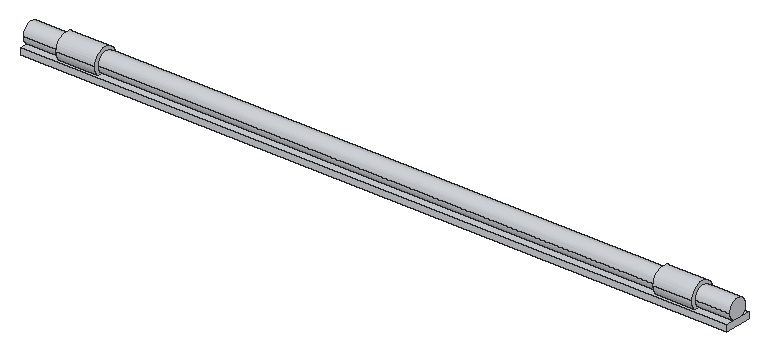
Revit family "GIS_MVBusModule", category Modelos genéricos, Revit 2027
Family settings
  Pode hospedar o vergalhão = Não
  Cota do conector redondo = Utilizar diâmetro
  Tipo de parte = Normal
  Com base no plano de trabalho = Não
  Sempre na vertical = Sim
  Corte com vazios quando carregada = Não
  Manter orientação da anotação = Não
  Compartilhado = Não
  Ponto de cálculo do ambiente = Não
Parameters (values of type "MV_BUS_17K5_STUDY")
  Elevação padrão = 0 mm
  BIM_TensaoSecundaria_kV = 0
  BIM_TensaoNominal_kV = 13.8
  BIM_TensaoClasse_kV = 17.5
  BIM_TensaoClasseSecundaria_kV = 0
  BIM_TensaoAuxiliarCA_kV = 0
  BIM_Sistema_Elemento [instance] = ""
  BIM_ReferenciaCatalogo = "Portfolio estimate; 2,000 A candidate based on switchgear family, final bus rating pending"
  BIM_Profundidade = 220 mm
  BIM_Potencia_MVA = 0
  BIM_Localizacao [instance] = ""
  BIM_Largura = 5800 mm
  BIM_Impedancia_pu = 0
  BIM_FonteGeometria = "Portfolio estimate; 2,000 A candidate based on switchgear family, final bus rating pending"
  BIM_Fabricante = "NAO SELECIONADO"
  BIM_EstadoGeometria = "ESTIMATED"
  BIM_EstadoEspecificacao = "PREMISSA / NAO SELECIONADO"
  BIM_DescricaoEstudo = "Modulo visual de barra 13,8 kV; 2,000 A candidato, rating termico e dinamico pendentes."
  BIM_CorrenteReferenciaSecundaria_A = 0
  BIM_CorrenteNominal_A = 2000
  BIM_Bay [instance] = ""
  BIM_AlturaCorpoPrincipal = 48.4 mm
  BIM_Altura = 220 mm
Reference planes
  plane 1 "Centro (Frente/Trás)": y = 0
  plane 2: z = 0
  plane 3 "Centro (Esquerda/Direita)": x = 0
  plane 4 "BIM Left": x = -2900
  plane 5 "BIM Right": x = 2900
  plane 6 "BIM Front": y = -110
  plane 7 "BIM Back": y = 110
Forms (mm)
  Extrusion 1, solid
    sketch origin (0, 0, 0) x (1, 0, 0) y (0, 1, 0)
      loop
        line (-2900, -110) -> (2900, -110) -> (2900, 110) -> (-2900, 110) -> (-2900, -110)
    from 0 to 48.4 <- "BIM_AlturaCorpoPrincipal"
  Extrusion 2, solid
    sketch origin (-2900, 0, 118.8) x (0, 1, 0) y (0, 0, 1)
      loop
        circle (0, 0) r 79.2
    from 0 to 5800
  Extrusion 3, solid
    sketch origin (-2610, 0, 118.8) x (0, 1, 0) y (0, 0, 1)
      loop
        circle (0, 0) r 104.544
      loop
        circle (0, 0) r 65.736
    from 0 to 319
  Extrusion 4, solid
    sketch origin (2291, 0, 118.8) x (0, 1, 0) y (0, 0, 1)
      loop
        circle (0, 0) r 104.544
      loop
        circle (0, 0) r 65.736
    from 0 to 319
Dimensions and locks
  "BIM_Largura": plane 4 "BIM Left" to plane 5 "BIM Right"
  "BIM_Profundidade": plane 6 "BIM Front" to plane 7 "BIM Back"
  aligned and locked: level to plane 2
  aligned and locked: plane 4 "BIM Left" to Extrusion 1
  aligned and locked: Extrusion 1 to plane 5 "BIM Right"
  aligned and locked: Extrusion 1 to plane 6 "BIM Front"
  aligned and locked: plane 7 "BIM Back" to Extrusion 1
Automatic sketch dimensions
  Extrusion 1 sketch curve to plane 4 "BIM Left" = 0 mm
  Extrusion 1 sketch curve to plane 5 "BIM Right" = 0 mm
  Extrusion 1 sketch curve to plane 6 "BIM Front" = 0 mm
  Extrusion 1 sketch curve to plane 7 "BIM Back" = 0 mm
  Extrusion 2 sketch curve to Extrusion 2 sketch curve = 0 mm  (x2)
  Extrusion 2 sketch curve to plane 1 "Centro (Frente/Trás)" = 0 mm
  level to Extrusion 2 sketch curve = 118.8 mm
  plane 6 "BIM Front" to Extrusion 2 sketch curve = 30.8 mm
  Extrusion 3 sketch curve to Extrusion 3 sketch curve = 0 mm  (x12)
  Extrusion 3 sketch curve to plane 1 "Centro (Frente/Trás)" = 0 mm
  level to Extrusion 3 sketch curve = 118.8 mm
  plane 6 "BIM Front" to Extrusion 3 sketch curve = 44.264 mm
  plane 6 "BIM Front" to Extrusion 3 sketch curve = 5.456 mm
  Extrusion 4 sketch curve to Extrusion 4 sketch curve = 0 mm  (x12)
  Extrusion 4 sketch curve to plane 1 "Centro (Frente/Trás)" = 0 mm
  level to Extrusion 4 sketch curve = 118.8 mm
  plane 6 "BIM Front" to Extrusion 4 sketch curve = 44.264 mm
  plane 6 "BIM Front" to Extrusion 4 sketch curve = 5.456 mm
